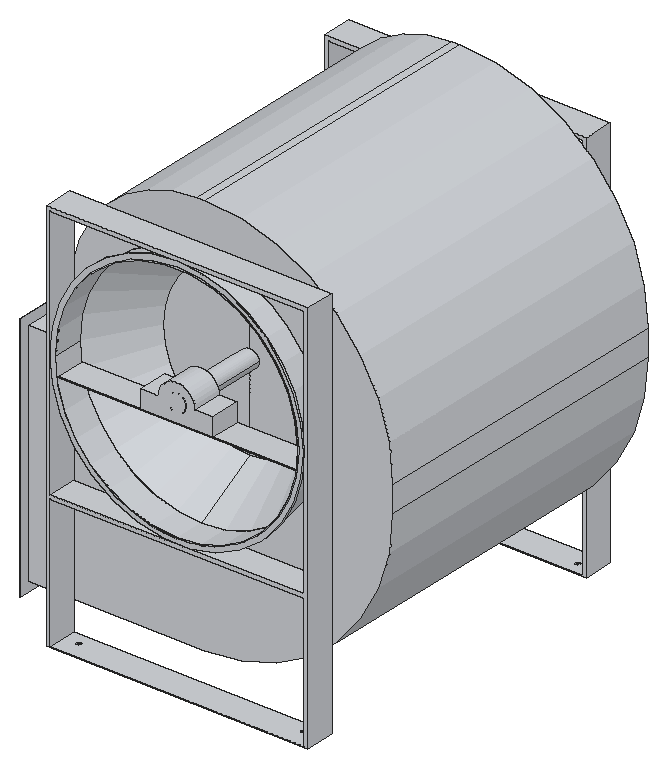
Revit family "CAF_DWDI_CCW_BHD", category Mechanical Equipment, Revit 2019
Family settings
  Round Connector Dimension = Use Radius
  Part Type = Normal
  Work Plane-Based = No
  Always vertical = Yes
  Cut with Voids When Loaded = No
  Shared = No
  Room Calculation Point = No
Parameters (values of type "600_CAF-DWDI_CCW_BHD_CLASS_3")
  V+(D-(A+.25"))/2 = V + ((D - (A + 1/4")) / 2)  # 8 3/32"
  V = 5 7/16"
  Unit Weight [instance] = ""
  U-N = U - N  # 1/8"
  U = 16"
  T/2 = T / 2  # 46 9/16"
  T = 93 1/8"
  Sones [instance] = ""
  S/2 = S / 2  # 30 1/2"
  S = 61"
  R/2 = R / 2  # 35 1/2"
  R = 71"
  P = 118 5/8"
  N = 15 7/8"
  Motor RPM [instance] = ""
  Motor Enclosure [instance] = ""
  ModelID [instance] = ""
  M = 102 5/8"
  LwA [instance] = ""
  L = 51 5/16"
  K/2 = K / 2  # 19/32"
  K = 1 3/16"
  J = 52 3/16"
  INLET/4 = INLET / 4  # 16 1/2"
  INLET/2 = INLET / 2  # 33"
  INLET = 66"
  H-J = H - J  # 47 1/8"
  H = 99 5/16"
  G-(R/2) = G - (R / 2)  # 36 3/16"
  G-(INLET/2)-1.625" = G - (INLET / 2) - 1 1/2"  # 37 3/16"
  G+(INLET/2)+1.625" = G + (INLET / 2) + 1 1/2"  # 106 3/16"
  G = 71 11/16"
  Fan RPM [instance] = ""
  F = 117 5/8"
  E/2 = E / 2  # 45 27/32"
  E = 91 11/16"
  D/2 = D / 2  # 33 7/8"
  D = 67 3/4"
  C/2 = C / 2  # 2 15/32"
  C+C = C + C  # 9 7/8"
  C = 4 15/16"
  BOTTOM = J / 2  # 26 3/32"
  B/2 = B / 2  # 43 1/8"
  B+.25" = B + 1/4"  # 86 1/2"
  B = 86 1/4"
  Accessories [instance] = ""
  A/2 = A / 2  # 31 3/32"
  A+.25" = A + 1/4"  # 62 7/16"
  A = 62 3/16"
  60 = 60.00°  # constant formula
  3" = 3"  # constant formula
  Brake Hp [instance] = ""
  D/7 = D / 9.5  # 7.13158"
  2' = 24"
  2" = 2"  # constant formula
  1" = 1"  # constant formula
  0 = 0"  # constant formula
  Voltage [instance] = 0 V
  URL = "www.lorencook.com"
  Type Comments = "Centrifugal Airfoil Blower Counter-Clockwise Bottom Horizontal Arrangement 3 Low Profile Class 3"
  Static Pressure [instance] = 0.00 in-wg
  Power [instance] = Voltage * Motor FLA * sqrt(if(Phase = 3, 3, 1))  # 0 VA
  Phase [instance] = 0
  Number of Poles [instance] = 1
  Motor Hp [instance] = "0"
  Motor FLA [instance] = 0 A
  Model = "CAF-DWDI"  # constant formula
  Manufacturer = "Loren Cook Company"
  CFM [instance] = 0 CFM
  1.5 = 1 1/2"  # constant formula
  ONE EIGTH = 1/8"  # constant formula
  -P = -P  # -118 5/8"
  -(B+.25")/2 = -(B + 1/4") / 2  # -43 1/4"
  (M-(B+.25")/2 = (M - (B + 1/4")) / 2  # 8 1/16"
  (INLET/2)-.125" = (INLET / 2) - 1/8"  # 32 7/8"
  (INLET/2)+1.625" = (INLET / 2) + 1 1/2"  # 34 1/2"
  (INLET/2)+1.5" = (INLET / 2) + 1 7/16"  # 34 7/16"
  (D-(A+.25"))/2 = (D - (A + 1/4")) / 2  # 2 21/32"
  (B+.25")/2 = (B + 1/4") / 2  # 43 1/4"
  (A+.25")/2 = (A + 1/4") / 2  # 31 7/32"
  ((M+U+U+N+N)-((B+.25")/2))/2 = ((M + U + U - N - N) - ((B + 1/4"))) / 2  # 8 3/16"
Reference planes (in)
  plane 1 "Center (Front/Back)": y = 0
  plane 2: z = 0
  plane 3 "Center (Left/Right)": x = 0.40541
Forms (in)
  Extrusion 1, solid
    sketch origin (0, 0, 0) x (1, 0, 0) y (0, 0, 1)
      loop
        line (-46.71959, 8.09375) -> (52.59291, 8.09375) -> (52.59291, 117.625) -> (-39.58801, 117.625) -> (-39.58801, 70.53125) -> (-46.71959, 70.53125) -> (-46.71959, 8.09375)
    from -43.25 <- "-(B+.25")/2" to 43.25 <- "(B+.25")/2"
  Extrusion 2, void
    sketch origin (0, 0, 0) x (1, 0, 0) y (0, 0, 1)
      loop
        line (-42.58801, 70.53125) -> (-35.09459, 70.53125) -> (-35.09459, 83.125)
        arc (-35.09459, 83.125) -> (-24.98977, 107.52018) -> (-0.59459, 117.625) r 34.5
        line (-0.59459, 117.625) -> (1.40541, 117.625)
        arc (1.40541, 117.625) -> (37.60044, 102.63253) -> (52.59291, 66.4375) r 51.1875
        line (52.59291, 66.4375) -> (52.59291, 59.28125)
        arc (52.59291, 59.28125) -> (37.60044, 23.08622) -> (1.40541, 8.09375) r 51.1875
        line (1.40541, 8.09375) -> (-20.62584, 8.09375) -> (-20.62584, 0) -> (55.59291, 0) -> (55.59291, 120.625) -> (-42.58801, 120.625) -> (-42.58801, 70.53125)
    from -43.25 <- "-(B+.25")/2" to 43.25 <- "(B+.25")/2"
  Revolve 3, void
    sketch origin (0.40541, 0, 0) x (0, 1, 0) y (0, 0, 1)
      loop
        line (43.25, 71.6875) -> (26.75, 71.6875) -> (26.75, 48.21378) -> (43.25, 38.6875) -> (43.25, 71.6875)
      loop
        line (-26.75, 71.6875) -> (-43.25, 71.6875) -> (-43.25, 38.6875) -> (-26.75, 48.21378) -> (-26.75, 71.6875)
      axis (43.25, 71.6875) -> (-43.25, 71.6875)
    angle from 0 to 360
  Extrusion 4, solid
    sketch origin (0, -43.25, 0) x (1, 0, 0) y (0, 0, 1)
      loop
        circle (0.40541, 71.6875) r 32.875
      loop
        circle (0.40541, 71.6875) r 33
    from 0 <- "0" to 8.1875 <- "((M+U+U+N+N)-((B+.25")/2))/2"
  Extrusion 5, solid
    sketch origin (0, 43.25, 0) x (-1, 0, 0) y (0, 0, 1)
      loop
        circle (-0.40541, 71.6875) r 32.875
      loop
        circle (-0.40541, 71.6875) r 33
    from 0 to 8.1875 <- "((M+U+U+N+N)-((B+.25")/2))/2"
  Extrusion 6, solid
    sketch origin (0, 43.25, 0) x (-1, 0, 0) y (0, 0, 1)
      loop
        line (-35.90541, 0) -> (35.09459, 0) -> (35.09459, 107.1875) -> (-35.90541, 107.1875) -> (-35.90541, 0)
      loop
        line (34.09459, 106.1875) -> (-34.90541, 106.1875) -> (-34.90541, 37.1875) -> (34.09459, 37.1875) -> (34.09459, 106.1875)
      loop
        line (-34.90541, 36.1875) -> (-34.90541, 0.125) -> (34.09459, 0.125) -> (34.09459, 36.1875) -> (-34.90541, 36.1875)
    from 0 to 8.0625 <- "(M-(B+.25")/2"
  Extrusion 7, solid
    sketch origin (0, -43.25, 0) x (1, 0, 0) y (0, 0, 1)
      loop
        line (-35.09459, 107.1875) -> (-35.09459, 0) -> (35.90541, 0) -> (35.90541, 107.1875) -> (-35.09459, 107.1875)
      loop
        line (34.90541, 0.125) -> (34.90541, 36.1875) -> (-34.09459, 36.1875) -> (-34.09459, 0.125) -> (34.90541, 0.125)
      loop
        line (-34.09459, 37.1875) -> (34.90541, 37.1875) -> (34.90541, 106.1875) -> (-34.09459, 106.1875) -> (-34.09459, 37.1875)
    from 0 to 8.0625 <- "(M-(B+.25")/2"
  Extrusion 8, solid
    sketch origin (0, -43.25, 0) x (1, 0, 0) y (0, 0, 1)
      loop
        arc (-32.09669, 66.75) -> (-32.08713, 66.68749) -> (-32.07746, 66.625) r 32.875
        line (-32.07746, 66.625) -> (32.88828, 66.625)
        arc (32.88828, 66.625) -> (32.89796, 66.68749) -> (32.90752, 66.75) r 32.875
        line (32.90752, 66.75) -> (-32.09669, 66.75)
    from 0 to 8.1875 <- "((M+U+U+N+N)-((B+.25")/2))/2"
  Extrusion 9, solid
    sketch origin (0, 43.25, 0) x (-1, 0, 0) y (0, 0, 1)
      loop
        arc (-32.90752, 66.75) -> (-32.89796, 66.68749) -> (-32.88828, 66.625) r 32.875
        line (-32.88828, 66.625) -> (32.07746, 66.625)
        arc (32.07746, 66.625) -> (32.08713, 66.68749) -> (32.09669, 66.75) r 32.875
        line (32.09669, 66.75) -> (-32.90752, 66.75)
    from 0 to 8.1875 <- "((M+U+U+N+N)-((B+.25")/2))/2"
  Extrusion 10, solid
    sketch origin (0, -43.25, 0) x (1, 0, 0) y (0, 0, 1)
      loop
        arc (5.34291, 71.6875) -> (0.40541, 76.625) -> (-4.53209, 71.6875) r 4.9375
        line (-4.53209, 71.6875) -> (-9.46959, 71.6875) -> (-9.46959, 66.75) -> (10.28041, 66.75) -> (10.28041, 71.6875) -> (5.34291, 71.6875)
    from 0 to 8.1875 <- "((M+U+U+N+N)-((B+.25")/2))/2"
  Extrusion 11, solid
    sketch origin (0, 43.25, 0) x (-1, 0, 0) y (0, 0, 1)
      loop
        arc (4.53209, 71.6875) -> (-0.40541, 76.625) -> (-5.34291, 71.6875) r 4.9375
        line (-5.34291, 71.6875) -> (-10.28041, 71.6875) -> (-10.28041, 66.75) -> (9.46959, 66.75) -> (9.46959, 71.6875) -> (4.53209, 71.6875)
    from 0 to 8.1875 <- "((M+U+U+N+N)-((B+.25")/2))/2"
  Extrusion 12, solid
    sketch origin (0, -51.4375, 0) x (1, 0, 0) y (0, 0, 1)
      loop
        circle (0.40541, 71.6875) r 2.46875
    from 0 to -118.625 <- "-P"
  Extrusion 13, solid
    sketch origin (0, 51.4375, 0) x (-1, 0, 0) y (0, 0, 1)
      loop
        circle (-0.40541, 71.6875) r 33
      loop
        circle (-0.40541, 71.6875) r 34.4375
    from 0 to -0.125
  Extrusion 14, solid
    sketch origin (0, -51.4375, 0) x (1, 0, 0) y (0, 0, 1)
      loop
        circle (0.40541, 71.6875) r 33
      loop
        circle (0.40541, 71.6875) r 34.4375
    from 0 to -0.125
  Extrusion 15, solid
    sketch origin (-46.71959, 0, 8.09375) x (0, 0, 1) y (0, 1, 0)
      loop
        line (65.09375, 45.84375) -> (-2.65625, 45.84375) -> (-2.65625, -45.84375) -> (65.09375, -45.84375) -> (65.09375, 45.84375)
    from 0 to -0.125
  Extrusion 16, void
    sketch origin (0, 0, 0) x (1, 0, 0) y (0, 1, 0)
      loop
        circle (30.90541, 46.5625) r 0.59375
      loop
        circle (-30.09459, 46.5625) r 0.59375
      loop
        circle (-30.09459, -46.5625) r 0.59375
      loop
        circle (30.90541, -46.5625) r 0.59375
    from 0 to 0.125
Cuts and joins
  Extrusion 2, Revolve 3 cuts Extrusion 1
  Extrusion 16 cuts Extrusion 6
  Extrusion 16 cuts Extrusion 7
Dimensions and locks (in)
  "H-J": plane 3 "Center (Left/Right)" to Extrusion 1 sketch curve
  "D/7": Extrusion 1 sketch curve to Extrusion 1 sketch curve
  "J": Extrusion 1 sketch curve to plane 3 "Center (Left/Right)"
  "F": Extrusion 1 sketch curve to level
  "0": Extrusion 2 sketch curve to level
  "A+.25"": Extrusion 1 sketch curve to Extrusion 1 sketch curve
  "BOTTOM": cut or joined group of Extrusion 1, Extrusion 2, Revolve 3 to Extrusion 2 sketch curve
  "0": Revolve 3 sketch curve to cut or joined group of Extrusion 1, Extrusion 2, Revolve 3  (x2)
  "INLET/4": cut or joined group of Extrusion 1, Extrusion 2, Revolve 3 to Revolve 3 sketch curve
  "G": level to Revolve 3 sketch curve  (x2)
  "INLET/2": Revolve 3 sketch curve to Revolve 3 sketch curve  (x2)
  "G": Revolve 3 sketch curve to level
  "INLET/4": Revolve 3 sketch curve to Revolve 3 sketch curve
  "0": Extrusion 4 sketch curve to plane 3 "Center (Left/Right)"  (x2)
  "G": Extrusion 4 sketch curve to level  (x2)
  "G": level to Extrusion 5 sketch curve  (x2)
  "0": Extrusion 5 sketch curve to plane 3 "Center (Left/Right)"  (x2)
  "R/2": Extrusion 6 sketch curve to plane 3 "Center (Left/Right)"
  "R/2": plane 3 "Center (Left/Right)" to Extrusion 6 sketch curve
  "R": Extrusion 6 sketch curve to Extrusion 6 sketch curve
  "G-(R/2)": level to Extrusion 6 sketch curve
  "ONE EIGTH": Extrusion 6 sketch curve to Extrusion 6 sketch curve
  "0": Extrusion 7 sketch curve to Extrusion 6  (x3)
  "0": Extrusion 6 to Extrusion 7 sketch curve  (x3)
  "0": Extrusion 8 sketch curve to plane 3 "Center (Left/Right)"  (x2)
  "G": Extrusion 8 sketch curve to level  (x2)
  "C": Extrusion 8 sketch curve to Extrusion 8 sketch curve
  "ONE EIGTH": Extrusion 8 sketch curve to Extrusion 8 sketch curve
  "0": Extrusion 9 sketch curve to plane 3 "Center (Left/Right)"  (x2)
  "G": level to Extrusion 9 sketch curve  (x2)
  "C": Extrusion 9 sketch curve to Extrusion 9 sketch curve
  "ONE EIGTH": Extrusion 9 sketch curve to Extrusion 9 sketch curve
  "0": Extrusion 10 sketch curve to Extrusion 8
  "G": Extrusion 10 sketch curve to level
  "0": Extrusion 10 sketch curve to Extrusion 10 sketch curve  (x2)
  "C+C": Extrusion 10 sketch curve to plane 3 "Center (Left/Right)"  (x2)
  "0": Extrusion 9 to Extrusion 11 sketch curve
  "0": Extrusion 11 sketch curve to Extrusion 11 sketch curve  (x2)
  "0": Extrusion 11 sketch curve to plane 3 "Center (Left/Right)"
  "G": level to Extrusion 11 sketch curve
  "C+C": Extrusion 11 sketch curve to plane 3 "Center (Left/Right)"
  "C+C": plane 3 "Center (Left/Right)" to Extrusion 11 sketch curve
  "0": Extrusion 12 sketch curve to plane 3 "Center (Left/Right)"
  "G": level to Extrusion 12 sketch curve
  "0": level to Extrusion 6 sketch curve
  "0": plane 3 "Center (Left/Right)" to Extrusion 10 sketch curve
  "(INLET/2)+1.625"": plane 3 "Center (Left/Right)" to Extrusion 7 sketch curve  (x2)
  "(INLET/2)+1.625"": Extrusion 7 sketch curve to plane 3 "Center (Left/Right)"  (x2)
  "G+(INLET/2)+1.625"": Extrusion 7 sketch curve to level
  "G-(INLET/2)-1.625"": Extrusion 7 sketch curve to level
  "(INLET/2)+1.625"": Extrusion 6 sketch curve to plane 3 "Center (Left/Right)"  (x2)
  "(INLET/2)+1.625"": plane 3 "Center (Left/Right)" to Extrusion 6 sketch curve  (x2)
  "G-(INLET/2)-1.625"": level to Extrusion 6 sketch curve
  "G+(INLET/2)+1.625"": level to Extrusion 6 sketch curve
  "0": Extrusion 13 sketch curve to plane 3 "Center (Left/Right)"  (x2)
  "G": level to Extrusion 13 sketch curve  (x2)
  "0": Extrusion 14 sketch curve to plane 3 "Center (Left/Right)"  (x2)
  "G": Extrusion 14 sketch curve to level  (x2)
  "E/2": Extrusion 15 sketch curve to plane 1 "Center (Front/Back)"
  "E/2": plane 1 "Center (Front/Back)" to Extrusion 15 sketch curve
  "D": Extrusion 15 sketch curve to Extrusion 15 sketch curve
  "V": Extrusion 15 sketch curve to level
  "V+(D-(A+.25"))/2": Extrusion 1 sketch curve to level
  "T/2": plane 1 "Center (Front/Back)" to Extrusion 16 sketch curve  (x4)
  "S/2": plane 3 "Center (Left/Right)" to Extrusion 16 sketch curve  (x4)
  "3"": cut or joined group of Extrusion 1, Extrusion 2, Revolve 3 to Extrusion 2 sketch curve  (x2)
  "3"": Extrusion 2 sketch curve to cut or joined group of Extrusion 1, Extrusion 2, Revolve 3
  "0": Extrusion 2 sketch curve to cut or joined group of Extrusion 7, Extrusion 16
  "0": cut or joined group of Extrusion 1, Extrusion 2, Revolve 3 to Extrusion 2 sketch curve  (x3)
  "1"": Extrusion 2 sketch curve to plane 3 "Center (Left/Right)"  (x2)
  "1"": plane 3 "Center (Left/Right)" to Extrusion 2 sketch curve
  "0": Extrusion 2 sketch curve to cut or joined group of Extrusion 1, Extrusion 2, Revolve 3
  "INLET/2": radius of Extrusion 4 sketch curve
  "(INLET/2)-.125"": radius of Extrusion 4 sketch curve
  "INLET/2": radius of Extrusion 5 sketch curve
  "(INLET/2)-.125"": radius of Extrusion 5 sketch curve
  "(INLET/2)-.125"": radius of Extrusion 8 sketch curve  (x2)
  "(INLET/2)-.125"": radius of Extrusion 9 sketch curve  (x2)
  "C": radius of Extrusion 10 sketch curve
  "C": radius of Extrusion 11 sketch curve
  "C/2": radius of Extrusion 12 sketch curve
  "(INLET/2)+1.5"": radius of Extrusion 13 sketch curve
  "INLET/2": radius of Extrusion 13 sketch curve
  "(INLET/2)+1.5"": radius of Extrusion 14 sketch curve
  "INLET/2": radius of Extrusion 14 sketch curve
  "K/2": radius of Extrusion 16 sketch curve  (x4)
  "60": angle Revolve 3 sketch curve to cut or joined group of Extrusion 1, Extrusion 2, Revolve 3
  "60": angle cut or joined group of Extrusion 1, Extrusion 2, Revolve 3 to Revolve 3 sketch curve
Automatic sketch dimensions
  Revolve 3 sketch curve to Revolve 3 sketch curve = 0"  (x2)
Connectors (in)
  hvac at (-46.71959, 0, 39.3125), driven by "B", driven by "A", driven by "CFM"
    settings: on cut or joined group of Extrusion 1, Extrusion 2, Revolve 3, index 1, duct flow 0 CFM, flow factor 0, pres drop 0.00 in-wg, loss coef 0, conn angle 0.00°, conn width 86 1/4", conn height 62 3/16", conn diameter 24", duct sys type 29, conn prof type 1, flow config 0, flow direction 2, loss method 0, conn ref index -1, conn util no, is conn primary yes, conn desc ""
  hvac at (0.40541, -51.3125, 71.6875), driven by "INLET/2"
    settings: on Extrusion 14, index 2, duct flow 0 CFM, flow factor 0, pres drop 0.00 in-wg, loss coef 0, conn angle 0.00°, conn width 12", conn height 12", conn diameter 66", duct sys type 29, conn prof type 0, flow config 0, flow direction 1, loss method 0, conn ref index -1, conn util no, is conn primary no, conn desc ""
  hvac at (0.40541, 51.4375, 71.6875), driven by "INLET/2"
    settings: on Extrusion 5, index 3, duct flow 0 CFM, flow factor 0, pres drop 0.00 in-wg, loss coef 0, conn angle 0.00°, conn width 12", conn height 12", conn diameter 66", duct sys type 29, conn prof type 0, flow config 0, flow direction 1, loss method 0, conn ref index -1, conn util no, is conn primary no, conn desc ""
Types (59): name | V+(D-(A+.25"))/2 | V | U-N | U | T/2 | T | S/2 | S | R/2 | R | P | N | M | L | K/2 | K | J | INLET/4 | INLET/2 | INLET | H-J | H | G-(R/2) | G-(INLET/2)-1.625" | G+(INLET/2)+1.625" | G | F | E/2 | E | D/2 | D | C/2 | C+C | C | BOTTOM | B/2 | B+.25" | B | A/2 | A+.25" | A | D/7 | Type Comments | -P | -(B+.25")/2 | (M-(B+.25")/2 | (INLET/2)-.125" | (INLET/2)+1.625" | (INLET/2)+1.5" | (D-(A+.25"))/2 | (B+.25")/2 | (A+.25")/2 | ((M+U+U+N+N)-((B+.25")/2))/2
  (no name) | 8 3/32" | 5 7/16" | 1/8" | 16" | 46 9/16" | 93 1/8" | 30 1/2" | 61" | 35 1/2" | 71" | 118 5/8" | 15 7/8" | 102 5/8" | 51 5/16" | 19/32" | 1 3/16" | 52 3/16" | 16 1/2" | 33" | 66" | 47 1/8" | 99 5/16" | 36 3/16" | 37 3/16" | 106 3/16" | 71 11/16" | 117 5/8" | 45 27/32" | 91 11/16" | 33 7/8" | 67 3/4" | 2 15/32" | 9 7/8" | 4 15/16" | 26 3/32" | 43 1/8" | 86 1/2" | 86 1/4" | 31 3/32" | 62 7/16" | 62 3/16" | 7.13158" | "Centrifugal Airfoil Blower Counter-Clockwise Bottom Horizontal Arrangement 3 Low Profile Class 3" | -118 5/8" | -43 1/4" | 8 1/16" | 32 7/8" | 34 1/2" | 34 7/16" | 2 21/32" | 43 1/4" | 31 7/32" | 8 3/16"
  120_CAF-DWDI_CCW_BHD_CLASS_1 | 1 15/16" | 1" | 1 9/16" | 4 5/16" | 9 3/4" | 19 1/2" | 7 7/16" | 14 7/8" | 9 5/8" | 19 1/4" | 26 11/16" | 2 3/4" | 20 13/16" | 10 7/16" | 9/32" | 9/16" | 10 7/16" | 4 1/32" | 8 1/16" | 16 1/8" | 9 5/8" | 20 1/16" | 5 1/8" | 5 3/16" | 24 5/16" | 14 3/4" | 24" | 9 29/32" | 19 13/16" | 7 1/8" | 14 1/4" | 23/32" | 2 7/8" | 1 7/16" | 5 7/32" | 8 27/32" | 17 15/16" | 17 11/16" | 6 1/16" | 12 3/8" | 12 1/8" | 1 1/2" | "Centrifugal Airfoil Blower Counter-Clockwise Bottom Horizontal Arrangement 3 Low Profile Class 1" | -26 11/16" | -8 31/32" | 1 7/16" | 7 15/16" | 9 9/16" | 9 1/2" | 15/16" | 8 31/32" | 6 3/16" | 3"
  135_CAF-DWDI_CCW_BHD_CLASS_1 | 1 15/16" | 1" | 1 9/16" | 4 5/16" | 10 7/8" | 21 3/4" | 8 5/16" | 16 5/8" | 10 1/2" | 21" | 28 15/16" | 2 3/4" | 23 1/16" | 11 9/16" | 9/32" | 9/16" | 11 3/4" | 4 13/32" | 8 13/16" | 17 5/8" | 10 13/16" | 22 9/16" | 5 13/16" | 6" | 26 5/8" | 16 5/16" | 26 11/16" | 11 1/32" | 22 1/16" | 7 7/8" | 15 3/4" | 23/32" | 2 7/8" | 1 7/16" | 5 7/8" | 9 31/32" | 20 3/16" | 19 15/16" | 6 13/16" | 13 7/8" | 13 5/8" | 1.65789" | "Centrifugal Airfoil Blower Counter-Clockwise Bottom Horizontal Arrangement 3 Low Profile Class 1" | -28 15/16" | -10 3/32" | 1 7/16" | 8 11/16" | 10 5/16" | 10 1/4" | 15/16" | 10 3/32" | 6 15/16" | 3"
  150_CAF-DWDI_CCW_BHD_CLASS_1 | 1 15/16" | 1" | 1 1/16" | 4 7/16" | 12 3/16" | 24 3/8" | 8 7/8" | 17 3/4" | 11 1/4" | 22 1/2" | 31 5/8" | 3 3/8" | 26 1/8" | 13 1/16" | 9/32" | 9/16" | 13 1/16" | 4 25/32" | 9 9/16" | 19 1/8" | 12" | 25 1/16" | 6 11/16" | 6 7/8" | 29" | 17 15/16" | 29 7/16" | 12 1/16" | 24 1/8" | 8 11/16" | 17 3/8" | 23/32" | 2 7/8" | 1 7/16" | 6 17/32" | 11" | 22 1/4" | 22" | 7 5/8" | 15 1/2" | 15 1/4" | 1.82895" | "Centrifugal Airfoil Blower Counter-Clockwise Bottom Horizontal Arrangement 3 Low Profile Class 1" | -31 5/8" | -11 1/8" | 1 15/16" | 9 7/16" | 11 1/16" | 11" | 15/16" | 11 1/8" | 7 3/4" | 3"
  165_CAF-DWDI_CCW_BHD_CLASS_1 | 1 15/16" | 1" | 1 1/16" | 4 7/16" | 13 3/16" | 26 3/8" | 9 3/4" | 19 1/2" | 12 1/8" | 24 1/4" | 33 11/16" | 3 3/8" | 28 1/8" | 14 1/16" | 15/32" | 15/16" | 14 3/8" | 5 19/64" | 10 19/32" | 21 3/16" | 13 1/8" | 27 1/2" | 7 3/8" | 7 13/32" | 31 19/32" | 19 1/2" | 32 3/16" | 13 1/16" | 26 1/8" | 9 17/32" | 19 1/16" | 27/32" | 3 3/8" | 1 11/16" | 7 3/16" | 12" | 24 1/4" | 24" | 8 15/32" | 17 3/16" | 16 15/16" | 2.00658" | "Centrifugal Airfoil Blower Counter-Clockwise Bottom Horizontal Arrangement 3 Low Profile Class 1" | -33 11/16" | -12 1/8" | 1 15/16" | 10 15/32" | 12 3/32" | 12 1/32" | 15/16" | 12 1/8" | 8 19/32" | 3"
  180_CAF-DWDI_CCW_BHD_CLASS_1 | 1 15/16" | 1" | 1 1/16" | 4 13/16" | 14 7/32" | 28 7/16" | 10 1/2" | 21" | 13 3/8" | 26 3/4" | 36 1/8" | 3 3/4" | 30 3/16" | 15 1/8" | 15/32" | 15/16" | 15 11/16" | 5 43/64" | 11 11/32" | 22 11/16" | 14 5/16" | 30" | 7 3/4" | 8 9/32" | 33 31/32" | 21 1/8" | 34 15/16" | 14 3/32" | 28 3/16" | 10 5/16" | 20 5/8" | 27/32" | 3 3/8" | 1 11/16" | 7 27/32" | 13 1/32" | 26 5/16" | 26 1/16" | 9 1/4" | 18 3/4" | 18 1/2" | 2.17105" | "Centrifugal Airfoil Blower Counter-Clockwise Bottom Horizontal Arrangement 3 Low Profile Class 1" | -36 1/8" | -13 5/32" | 1 15/16" | 11 7/32" | 12 27/32" | 12 25/32" | 15/16" | 13 5/32" | 9 3/8" | 3"
  195_CAF-DWDI_CCW_BHD_CLASS_1 | 1 31/32" | 1" | 1 1/16" | 4 13/16" | 15 13/32" | 30 13/16" | 11 3/8" | 22 3/4" | 14 1/4" | 28 1/2" | 38 1/2" | 3 3/4" | 32 9/16" | 16 5/16" | 15/32" | 15/16" | 16 15/16" | 6 3/64" | 12 3/32" | 24 3/16" | 15 1/2" | 32 7/16" | 8 1/2" | 9 5/32" | 36 11/32" | 22 3/4" | 37 11/16" | 15 5/16" | 30 5/8" | 10 27/32" | 21 11/16" | 27/32" | 3 3/8" | 1 11/16" | 8 15/32" | 14 7/32" | 28 11/16" | 28 7/16" | 9 3/4" | 19 3/4" | 19 1/2" | 2.28289" | "Centrifugal Airfoil Blower Counter-Clockwise Bottom Horizontal Arrangement 3 Low Profile Class 1" | -38 1/2" | -14 11/32" | 1 15/16" | 11 31/32" | 13 19/32" | 13 17/32" | 31/32" | 14 11/32" | 9 7/8" | 3"
  210_CAF-DWDI_CCW_BHD_CLASS_1 | 1 31/32" | 1" | 2 1/16" | 5 13/16" | 16 3/8" | 32 3/4" | 12 1/8" | 24 1/4" | 15" | 30" | 41 7/16" | 3 3/4" | 34 1/2" | 17 1/4" | 15/32" | 15/16" | 18 1/4" | 6 31/64" | 12 31/32" | 25 15/16" | 16 11/16" | 34 15/16" | 9 3/8" | 9 29/32" | 38 27/32" | 24 3/8" | 40 1/2" | 16 9/32" | 32 9/16" | 11 29/32" | 23 13/16" | 27/32" | 3 3/8" | 1 11/16" | 9 1/8" | 15 3/16" | 30 5/8" | 30 3/8" | 10 13/16" | 21 7/8" | 21 5/8" | 2.50658" | "Centrifugal Airfoil Blower Counter-Clockwise Bottom Horizontal Arrangement 3 Low Profile Class 1" | -41 7/16" | -15 5/16" | 1 15/16" | 12 27/32" | 14 15/32" | 14 13/32" | 31/32" | 15 5/16" | 10 15/16" | 4"
  225_CAF-DWDI_CCW_BHD_CLASS_1 | 2 15/32" | 1" | 2 1/16" | 6 5/16" | 17 7/16" | 34 7/8" | 13" | 26" | 15 7/8" | 31 3/4" | 44 1/16" | 4 1/4" | 36 5/8" | 18 5/16" | 15/32" | 15/16" | 19 9/16" | 6 55/64" | 13 23/32" | 27 7/16" | 17 13/16" | 37 3/8" | 10 9/16" | 11 7/32" | 41 21/32" | 26 7/16" | 43 11/16" | 17 27/32" | 35 11/16" | 13 3/16" | 26 3/8" | 31/32" | 3 7/8" | 1 15/16" | 9 25/32" | 16 1/4" | 32 3/4" | 32 1/2" | 11 19/32" | 23 7/16" | 23 3/16" | 2.77632" | "Centrifugal Airfoil Blower Counter-Clockwise Bottom Horizontal Arrangement 3 Low Profile Class 1" | -44 1/16" | -16 3/8" | 1 15/16" | 13 19/32" | 15 7/32" | 15 5/32" | 1 15/32" | 16 3/8" | 11 23/32" | 4"
  245_CAF-DWDI_CCW_BHD_CLASS_1 | 2 15/32" | 1" | 2 1/16" | 6 5/16" | 18 23/32" | 37 7/16" | 14" | 28" | 16 7/8" | 33 3/4" | 46 5/8" | 4 1/4" | 39 3/16" | 19 5/8" | 15/32" | 15/16" | 21 5/16" | 7 23/64" | 14 23/32" | 29 7/16" | 19 3/8" | 40 11/16" | 11 11/16" | 12 11/32" | 44 25/32" | 28 9/16" | 47 5/16" | 19 1/8" | 38 1/4" | 14 11/32" | 28 11/16" | 31/32" | 3 7/8" | 1 15/16" | 10 21/32" | 17 17/32" | 35 5/16" | 35 1/16" | 12 3/4" | 25 3/4" | 25 1/2" | 3.01974" | "Centrifugal Airfoil Blower Counter-Clockwise Bottom Horizontal Arrangement 3 Low Profile Class 1" | -46 5/8" | -17 21/32" | 1 15/16" | 14 19/32" | 16 7/32" | 16 5/32" | 1 15/32" | 17 21/32" | 12 7/8" | 4"
  270_CAF-DWDI_CCW_BHD_CLASS_1 | 2 15/32" | 1" | 2 1/16" | 6 5/16" | 21 5/32" | 42 5/16" | 15 1/8" | 30 1/4" | 18 3/4" | 37 1/2" | 51 1/2" | 4 1/4" | 44 9/16" | 22 5/16" | 15/32" | 15/16" | 23 1/2" | 7 63/64" | 15 31/32" | 31 15/16" | 21 5/16" | 44 13/16" | 12 7/16" | 13 23/32" | 48 21/32" | 31 3/16" | 51 7/8" | 21 5/16" | 42 5/8" | 15 11/32" | 30 11/16" | 1 3/32" | 4 3/8" | 2 3/16" | 11 3/4" | 19 23/32" | 39 11/16" | 39 7/16" | 13 3/4" | 27 3/4" | 27 1/2" | 3.23026" | "Centrifugal Airfoil Blower Counter-Clockwise Bottom Horizontal Arrangement 3 Low Profile Class 1" | -51 1/2" | -19 27/32" | 2 7/16" | 15 27/32" | 17 15/32" | 17 13/32" | 1 15/32" | 19 27/32" | 13 7/8" | 4 1/2"
  300_CAF-DWDI_CCW_BHD_CLASS_1 | 2 15/32" | 1" | 2 1/8" | 6 3/8" | 22 15/16" | 45 7/8" | 16 5/8" | 33 1/4" | 20 1/4" | 40 1/2" | 55 1/8" | 4 1/4" | 48 1/8" | 24 1/16" | 15/32" | 15/16" | 26 1/16" | 8 47/64" | 17 15/32" | 34 15/16" | 23 11/16" | 49 3/4" | 14 1/8" | 15 13/32" | 53 11/32" | 34 3/8" | 57 5/16" | 23 3/32" | 46 3/16" | 17 3/16" | 34 3/8" | 1 3/32" | 4 3/8" | 2 3/16" | 13 1/32" | 21 1/2" | 43 1/4" | 43" | 15 19/32" | 31 7/16" | 31 3/16" | 3.61842" | "Centrifugal Airfoil Blower Counter-Clockwise Bottom Horizontal Arrangement 3 Low Profile Class 1" | -55 1/8" | -21 5/8" | 2 7/16" | 17 11/32" | 18 31/32" | 18 29/32" | 1 15/32" | 21 5/8" | 15 23/32" | 4 9/16"
  330_CAF-DWDI_CCW_BHD_CLASS_1 | 3" | 1" | 1 5/8" | 6" | 25 9/32" | 50 9/16" | 18 1/16" | 36 1/8" | 20 25/32" | 41 9/16" | 59 5/16" | 4 3/8" | 53 3/16" | 26 5/8" | 15/32" | 15/16" | 28 11/16" | 9 31/64" | 18 31/32" | 37 15/16" | 26" | 54 11/16" | 17 9/32" | 17 19/32" | 58 17/32" | 38 1/16" | 63 5/16" | 25 21/32" | 51 5/16" | 19 3/8" | 38 3/4" | 1 7/32" | 4 7/8" | 2 7/16" | 14 11/32" | 23 17/32" | 47 5/16" | 47 1/16" | 17 1/4" | 34 3/4" | 34 1/2" | 4.07895" | "Centrifugal Airfoil Blower Counter-Clockwise Bottom Horizontal Arrangement 3 Low Profile Class 1" | -59 5/16" | -23 21/32" | 2 15/16" | 18 27/32" | 20 15/32" | 20 13/32" | 2" | 23 21/32" | 17 3/8" | 4 9/16"
  365_CAF-DWDI_CCW_BHD_CLASS_1 | 3" | 1" | 2 1/8" | 6 7/8" | 27 27/32" | 55 11/16" | 19 15/16" | 39 7/8" | 22 21/32" | 45 5/16" | 65 5/16" | 4 3/4" | 58 5/16" | 29 3/16" | 15/32" | 15/16" | 31 3/4" | 10 23/64" | 20 23/32" | 41 7/16" | 28 3/4" | 60 1/2" | 19 5/32" | 19 19/32" | 64 1/32" | 41 13/16" | 69 11/16" | 28 7/32" | 56 7/16" | 21 15/32" | 42 15/16" | 1 11/32" | 5 3/8" | 2 11/16" | 15 7/8" | 26 3/32" | 52 7/16" | 52 3/16" | 19 11/32" | 38 15/16" | 38 11/16" | 4.51974" | "Centrifugal Airfoil Blower Counter-Clockwise Bottom Horizontal Arrangement 3 Low Profile Class 1" | -65 5/16" | -26 7/32" | 2 15/16" | 20 19/32" | 22 7/32" | 22 5/32" | 2" | 26 7/32" | 19 15/32" | 5 1/16"
  402_CAF-DWDI_CCW_BHD_CLASS_1 | 3 31/32" | 1 15/16" | 1 1/8" | 6" | 31 7/32" | 62 7/16" | 21 1/2" | 43" | 24 27/32" | 49 11/16" | 71 15/16" | 4 7/8" | 65 15/16" | 33" | 15/32" | 15/16" | 34 15/16" | 11 19/64" | 22 19/32" | 45 3/16" | 31 5/8" | 66 9/16" | 21 25/32" | 22 17/32" | 70 23/32" | 46 5/8" | 77 3/8" | 31" | 62" | 23 1/32" | 46 1/16" | 1 15/32" | 5 7/8" | 2 15/16" | 17 15/32" | 28 29/32" | 58 1/16" | 57 13/16" | 20 7/8" | 42" | 41 3/4" | 4.84868" | "Centrifugal Airfoil Blower Counter-Clockwise Bottom Horizontal Arrangement 3 Low Profile Class 1" | -71 15/16" | -29 1/32" | 3 15/16" | 22 15/32" | 24 3/32" | 24 1/32" | 2 1/32" | 29 1/32" | 21" | 5 1/16"
  445_CAF-DWDI_CCW_BHD_CLASS_1 | 4" | 1 15/16" | 1 1/8" | 6 7/8" | 34 15/32" | 68 15/16" | 23 5/8" | 47 1/4" | 26 31/32" | 53 15/16" | 79 5/16" | 5 3/4" | 72 7/16" | 36 1/4" | 17/32" | 1 1/16" | 38 11/16" | 12 23/64" | 24 23/32" | 49 7/16" | 35" | 73 11/16" | 24 7/32" | 24 31/32" | 77 13/32" | 51 3/16" | 85 1/4" | 34 9/32" | 68 9/16" | 25 5/32" | 50 5/16" | 1 15/32" | 5 7/8" | 2 15/16" | 19 11/32" | 32 1/8" | 64 1/2" | 64 1/4" | 22 31/32" | 46 3/16" | 45 15/16" | 5.29605" | "Centrifugal Airfoil Blower Counter-Clockwise Bottom Horizontal Arrangement 3 Low Profile Class 1" | -79 5/16" | -32 1/4" | 3 31/32" | 24 19/32" | 26 7/32" | 26 5/32" | 2 1/16" | 32 1/4" | 23 3/32" | 5 3/32"
  490_CAF-DWDI_CCW_BHD_CLASS_1 | 4" | 1 15/16" | 1 1/8" | 7" | 37 13/32" | 74 13/16" | 26" | 52" | 29 11/32" | 58 11/16" | 85 5/16" | 5 7/8" | 78 5/16" | 39 3/16" | 17/32" | 1 1/16" | 42 9/16" | 13 3/4" | 27 1/2" | 55" | 38 9/16" | 81 1/8" | 26 19/32" | 26 15/16" | 84 15/16" | 55 15/16" | 93 7/16" | 37 7/32" | 74 7/16" | 27 11/16" | 55 3/8" | 1 23/32" | 6 7/8" | 3 7/16" | 21 9/32" | 35 1/16" | 70 3/8" | 70 1/8" | 25 1/2" | 51 1/4" | 51" | 5.82895" | "Centrifugal Airfoil Blower Counter-Clockwise Bottom Horizontal Arrangement 3 Low Profile Class 1" | -85 5/16" | -35 3/16" | 3 31/32" | 27 3/8" | 29" | 28 15/16" | 2 1/16" | 35 3/16" | 25 5/8" | 5 3/32"
  540_CAF-DWDI_CCW_BHD_CLASS_1 | 4" | 1 15/16" | 1 1/8" | 7 3/8" | 41 5/16" | 82 5/8" | 28 1/2" | 57" | 31 27/32" | 63 11/16" | 93 1/2" | 6 1/4" | 86 1/8" | 43 1/16" | 17/32" | 1 1/16" | 46 15/16" | 15" | 30" | 60" | 42 7/16" | 89 3/8" | 29 13/32" | 29 3/4" | 92 3/4" | 61 1/4" | 102 9/16" | 41 3/32" | 82 3/16" | 30 1/16" | 60 1/8" | 1 15/32" | 5 7/8" | 2 15/16" | 23 15/32" | 38 31/32" | 78 3/16" | 77 15/16" | 27 7/8" | 56" | 55 3/4" | 6.32895" | "Centrifugal Airfoil Blower Counter-Clockwise Bottom Horizontal Arrangement 3 Low Profile Class 1" | -93 1/2" | -39 3/32" | 3 31/32" | 29 7/8" | 31 1/2" | 31 7/16" | 2 1/16" | 39 3/32" | 28" | 5 3/32"
  600_CAF-DWDI_CCW_BHD_CLASS_1 | 5" | 2 15/16" | 1/8" | 6 3/8" | 46" | 92" | 31" | 62" | 35" | 70" | 102 7/8" | 6 1/4" | 96 1/2" | 48 1/4" | 17/32" | 1 1/16" | 52 3/16" | 16 1/2" | 33" | 66" | 47 1/8" | 99 5/16" | 33 5/8" | 34 1/8" | 103 1/8" | 68 5/8" | 114 9/16" | 45 9/32" | 90 9/16" | 33 9/32" | 66 9/16" | 1 15/32" | 5 7/8" | 2 15/16" | 26 3/32" | 43 1/8" | 86 1/2" | 86 1/4" | 31 3/32" | 62 7/16" | 62 3/16" | 7.00658" | "Centrifugal Airfoil Blower Counter-Clockwise Bottom Horizontal Arrangement 3 Low Profile Class 1" | -102 7/8" | -43 1/4" | 5" | 32 7/8" | 34 1/2" | 34 7/16" | 2 1/16" | 43 1/4" | 31 7/32" | 5 1/8"
  660_CAF-DWDI_CCW_BHD_CLASS_1 | 6" | 3 15/16" | 5/8" | 10" | 50 13/16" | 101 5/8" | 33 1/2" | 67" | 38 9/32" | 76 9/16" | 117 1/8" | 9 3/8" | 107 1/8" | 53 9/16" | 17/32" | 1 1/16" | 57 3/8" | 18" | 36" | 72" | 51 13/16" | 109 3/16" | 37 23/32" | 38 1/2" | 113 1/2" | 76" | 126 1/2" | 49 5/8" | 99 1/4" | 36 13/32" | 72 13/16" | 1 23/32" | 6 7/8" | 3 7/16" | 28 11/16" | 47 7/16" | 95 1/8" | 94 7/8" | 34 7/32" | 68 11/16" | 68 7/16" | 7.66447" | "Centrifugal Airfoil Blower Counter-Clockwise Bottom Horizontal Arrangement 3 Low Profile Class 1" | -117 1/8" | -47 9/16" | 6" | 35 7/8" | 37 1/2" | 37 7/16" | 2 1/16" | 47 9/16" | 34 11/32" | 6 5/8"
  730_CAF-DWDI_CCW_BHD_CLASS_1 | 6" | 3 7/16" | 5/8" | 10" | 55 3/4" | 111 1/2" | 37" | 74" | 41 25/32" | 83 9/16" | 127" | 9 3/8" | 117" | 58 1/2" | 17/32" | 1 1/16" | 63 7/16" | 19 3/4" | 39 1/2" | 79" | 57 1/4" | 120 11/16" | 41 19/32" | 42 3/8" | 124 3/8" | 83 3/8" | 139 3/16" | 55 1/16" | 110 1/8" | 40 19/32" | 81 3/16" | 1 23/32" | 6 7/8" | 3 7/16" | 31 23/32" | 52 3/8" | 105" | 104 3/4" | 37 29/32" | 76 1/16" | 75 13/16" | 8.54605" | "Centrifugal Airfoil Blower Counter-Clockwise Bottom Horizontal Arrangement 3 Low Profile Class 1" | -127" | -52 1/2" | 6" | 39 3/8" | 41" | 40 15/16" | 2 9/16" | 52 1/2" | 38 1/32" | 6 5/8"
  120_CAF-DWDI_CCW_BHD_CLASS_2 | 1 15/16" | 1" | 1 9/16" | 5 5/16" | 10" | 20" | 7 3/16" | 14 3/8" | 9 5/8" | 19 1/4" | 28 3/16" | 3 3/4" | 21 13/16" | 10 15/16" | 15/32" | 15/16" | 10 7/16" | 4 1/32" | 8 1/16" | 16 1/8" | 9 5/8" | 20 1/16" | 5 1/8" | 5 3/16" | 24 5/16" | 14 3/4" | 24" | 9 29/32" | 19 13/16" | 7 1/8" | 14 1/4" | 23/32" | 2 7/8" | 1 7/16" | 5 7/32" | 8 27/32" | 17 15/16" | 17 11/16" | 6 1/16" | 12 3/8" | 12 1/8" | 1 1/2" | "Centrifugal Airfoil Blower Counter-Clockwise Bottom Horizontal Arrangement 3 Low Profile Class 2" | -28 3/16" | -8 31/32" | 1 15/16" | 7 15/16" | 9 9/16" | 9 1/2" | 15/16" | 8 31/32" | 6 3/16" | 3 1/2"
  135_CAF-DWDI_CCW_BHD_CLASS_2 | 2" | 1 1/16" | 1 9/16" | 5 7/16" | 11 1/8" | 22 1/4" | 8 1/16" | 16 1/8" | 10 1/2" | 21" | 30 9/16" | 3 7/8" | 24 1/16" | 12 1/16" | 15/32" | 15/16" | 11 3/4" | 4 13/32" | 8 13/16" | 17 5/8" | 10 13/16" | 22 9/16" | 5 15/16" | 6 1/8" | 26 3/4" | 16 7/16" | 26 13/16" | 11 1/32" | 22 1/16" | 7 7/8" | 15 3/4" | 23/32" | 2 7/8" | 1 7/16" | 5 7/8" | 9 31/32" | 20 3/16" | 19 15/16" | 6 13/16" | 13 7/8" | 13 5/8" | 1.65789" | "Centrifugal Airfoil Blower Counter-Clockwise Bottom Horizontal Arrangement 3 Low Profile Class 2" | -30 9/16" | -10 3/32" | 1 15/16" | 8 11/16" | 10 5/16" | 10 1/4" | 15/16" | 10 3/32" | 6 15/16" | 3 1/2"
  150_CAF-DWDI_CCW_BHD_CLASS_2 | 1 15/16" | 1" | 2 1/16" | 5 15/16" | 12 3/16" | 24 3/8" | 8 7/8" | 17 3/4" | 11 3/4" | 23 1/2" | 33 1/8" | 3 7/8" | 26 1/8" | 13 1/16" | 15/32" | 15/16" | 13 1/16" | 4 25/32" | 9 9/16" | 19 1/8" | 12" | 25 1/16" | 6 3/16" | 6 7/8" | 29" | 17 15/16" | 29 7/16" | 12 1/16" | 24 1/8" | 8 11/16" | 17 3/8" | 31/32" | 3 7/8" | 1 15/16" | 6 17/32" | 11" | 22 1/4" | 22" | 7 5/8" | 15 1/2" | 15 1/4" | 1.82895" | "Centrifugal Airfoil Blower Counter-Clockwise Bottom Horizontal Arrangement 3 Low Profile Class 2" | -33 1/8" | -11 1/8" | 1 15/16" | 9 7/16" | 11 1/16" | 11" | 15/16" | 11 1/8" | 7 3/4" | 4"
  165_CAF-DWDI_CCW_BHD_CLASS_2 | 1 15/16" | 1" | 2 1/16" | 5 15/16" | 13 3/16" | 26 3/8" | 9 3/4" | 19 1/2" | 12 5/8" | 25 1/4" | 35 3/16" | 3 7/8" | 28 1/8" | 14 1/16" | 15/32" | 15/16" | 14 3/8" | 5 19/64" | 10 19/32" | 21 3/16" | 13 1/8" | 27 1/2" | 6 7/8" | 7 13/32" | 31 19/32" | 19 1/2" | 32 3/16" | 13 1/16" | 26 1/8" | 9 17/32" | 19 1/16" | 31/32" | 3 7/8" | 1 15/16" | 7 3/16" | 12" | 24 1/4" | 24" | 8 15/32" | 17 3/16" | 16 15/16" | 2.00658" | "Centrifugal Airfoil Blower Counter-Clockwise Bottom Horizontal Arrangement 3 Low Profile Class 2" | -35 3/16" | -12 1/8" | 1 15/16" | 10 15/32" | 12 3/32" | 12 1/32" | 15/16" | 12 1/8" | 8 19/32" | 4"
  180_CAF-DWDI_CCW_BHD_CLASS_2 | 1 15/16" | 1" | 2 1/16" | 5 15/16" | 14 7/32" | 28 7/16" | 10 1/2" | 21" | 13 3/8" | 26 3/4" | 37 1/4" | 3 7/8" | 30 3/16" | 15 1/8" | 15/32" | 15/16" | 15 11/16" | 5 43/64" | 11 11/32" | 22 11/16" | 14 5/16" | 30" | 7 3/4" | 8 9/32" | 33 31/32" | 21 1/8" | 34 15/16" | 14 3/32" | 28 3/16" | 10 5/16" | 20 5/8" | 31/32" | 3 7/8" | 1 15/16" | 7 27/32" | 13 1/32" | 26 5/16" | 26 1/16" | 9 1/4" | 18 3/4" | 18 1/2" | 2.17105" | "Centrifugal Airfoil Blower Counter-Clockwise Bottom Horizontal Arrangement 3 Low Profile Class 2" | -37 1/4" | -13 5/32" | 1 15/16" | 11 7/32" | 12 27/32" | 12 25/32" | 15/16" | 13 5/32" | 9 3/8" | 4"
  195_CAF-DWDI_CCW_BHD_CLASS_2 | 1 31/32" | 1" | 2 1/16" | 5 15/16" | 15 13/32" | 30 13/16" | 11 3/8" | 22 3/4" | 14 1/4" | 28 1/2" | 39 5/8" | 3 7/8" | 32 9/16" | 16 5/16" | 15/32" | 15/16" | 16 15/16" | 6 3/64" | 12 3/32" | 24 3/16" | 15 1/2" | 32 7/16" | 8 1/2" | 9 5/32" | 36 11/32" | 22 3/4" | 37 11/16" | 15 5/16" | 30 5/8" | 10 27/32" | 21 11/16" | 31/32" | 3 7/8" | 1 15/16" | 8 15/32" | 14 7/32" | 28 11/16" | 28 7/16" | 9 3/4" | 19 3/4" | 19 1/2" | 2.28289" | "Centrifugal Airfoil Blower Counter-Clockwise Bottom Horizontal Arrangement 3 Low Profile Class 2" | -39 5/8" | -14 11/32" | 1 15/16" | 11 31/32" | 13 19/32" | 13 17/32" | 31/32" | 14 11/32" | 9 7/8" | 4"
  210_CAF-DWDI_CCW_BHD_CLASS_2 | 1 31/32" | 1" | 2 9/16" | 6 13/16" | 16 3/8" | 32 3/4" | 12 1/8" | 24 1/4" | 15" | 30" | 42 7/16" | 4 1/4" | 34 1/2" | 17 1/4" | 15/32" | 15/16" | 18 1/4" | 6 31/64" | 12 31/32" | 25 15/16" | 16 11/16" | 34 15/16" | 9 3/8" | 9 29/32" | 38 27/32" | 24 3/8" | 40 7/16" | 16 9/32" | 32 9/16" | 11 29/32" | 23 13/16" | 1 3/32" | 4 3/8" | 2 3/16" | 9 1/8" | 15 3/16" | 30 5/8" | 30 3/8" | 10 13/16" | 21 7/8" | 21 5/8" | 2.50658" | "Centrifugal Airfoil Blower Counter-Clockwise Bottom Horizontal Arrangement 3 Low Profile Class 2" | -42 7/16" | -15 5/16" | 1 15/16" | 12 27/32" | 14 15/32" | 14 13/32" | 31/32" | 15 5/16" | 10 15/16" | 4 1/2"
  225_CAF-DWDI_CCW_BHD_CLASS_2 | 2 15/32" | 1" | 2 9/16" | 6 13/16" | 17 7/16" | 34 7/8" | 13" | 26" | 15 7/8" | 31 3/4" | 44 9/16" | 4 1/4" | 36 5/8" | 18 5/16" | 15/32" | 15/16" | 19 9/16" | 6 55/64" | 13 23/32" | 27 7/16" | 17 13/16" | 37 3/8" | 10 9/16" | 11 7/32" | 41 21/32" | 26 7/16" | 43 11/16" | 17 27/32" | 35 11/16" | 13 3/16" | 26 3/8" | 1 3/32" | 4 3/8" | 2 3/16" | 9 25/32" | 16 1/4" | 32 3/4" | 32 1/2" | 11 19/32" | 23 7/16" | 23 3/16" | 2.77632" | "Centrifugal Airfoil Blower Counter-Clockwise Bottom Horizontal Arrangement 3 Low Profile Class 2" | -44 9/16" | -16 3/8" | 1 15/16" | 13 19/32" | 15 7/32" | 15 5/32" | 1 15/32" | 16 3/8" | 11 23/32" | 4 1/2"
  245_CAF-DWDI_CCW_BHD_CLASS_2 | 2 15/32" | 1" | 2 9/16" | 6 15/16" | 18 23/32" | 37 7/16" | 14" | 28" | 16 7/8" | 33 3/4" | 47 1/4" | 4 3/8" | 39 3/16" | 19 5/8" | 15/32" | 15/16" | 21 5/16" | 7 23/64" | 14 23/32" | 29 7/16" | 19 3/8" | 40 11/16" | 11 11/16" | 12 11/32" | 44 25/32" | 28 9/16" | 47 5/16" | 19 1/8" | 38 1/4" | 14 11/32" | 28 11/16" | 1 7/32" | 4 7/8" | 2 7/16" | 10 21/32" | 17 17/32" | 35 5/16" | 35 1/16" | 12 3/4" | 25 3/4" | 25 1/2" | 3.01974" | "Centrifugal Airfoil Blower Counter-Clockwise Bottom Horizontal Arrangement 3 Low Profile Class 2" | -47 1/4" | -17 21/32" | 1 15/16" | 14 19/32" | 16 7/32" | 16 5/32" | 1 15/32" | 17 21/32" | 12 7/8" | 4 1/2"
  270_CAF-DWDI_CCW_BHD_CLASS_2 | 2 15/32" | 1" | 2 1/16" | 6 7/16" | 21 5/32" | 42 5/16" | 15 1/8" | 30 1/4" | 18 3/4" | 37 1/2" | 51 5/8" | 4 3/8" | 44 9/16" | 22 5/16" | 15/32" | 15/16" | 23 1/2" | 7 63/64" | 15 31/32" | 31 15/16" | 21 5/16" | 44 13/16" | 12 7/16" | 13 23/32" | 48 21/32" | 31 3/16" | 51 7/8" | 21 5/16" | 42 5/8" | 15 11/32" | 30 11/16" | 1 7/32" | 4 7/8" | 2 7/16" | 11 3/4" | 19 23/32" | 39 11/16" | 39 7/16" | 13 3/4" | 27 3/4" | 27 1/2" | 3.23026" | "Centrifugal Airfoil Blower Counter-Clockwise Bottom Horizontal Arrangement 3 Low Profile Class 2" | -51 5/8" | -19 27/32" | 2 7/16" | 15 27/32" | 17 15/32" | 17 13/32" | 1 15/32" | 19 27/32" | 13 7/8" | 4 1/2"
  300_CAF-DWDI_CCW_BHD_CLASS_2 | 2 15/32" | 1" | 2 5/8" | 7 3/8" | 22 15/16" | 45 7/8" | 16 5/8" | 33 1/4" | 20 1/4" | 40 1/2" | 56 1/8" | 4 3/4" | 48 1/8" | 24 1/16" | 17/32" | 1 1/16" | 26 1/16" | 8 47/64" | 17 15/32" | 34 15/16" | 23 11/16" | 49 3/4" | 14 1/8" | 15 13/32" | 53 11/32" | 34 3/8" | 57 5/16" | 23 3/32" | 46 3/16" | 17 3/16" | 34 3/8" | 1 11/32" | 5 3/8" | 2 11/16" | 13 1/32" | 21 1/2" | 43 1/4" | 43" | 15 19/32" | 31 7/16" | 31 3/16" | 3.61842" | "Centrifugal Airfoil Blower Counter-Clockwise Bottom Horizontal Arrangement 3 Low Profile Class 2" | -56 1/8" | -21 5/8" | 2 7/16" | 17 11/32" | 18 31/32" | 18 29/32" | 1 15/32" | 21 5/8" | 15 23/32" | 5 1/16"
  330_CAF-DWDI_CCW_BHD_CLASS_2 | 3" | 1" | 2 1/8" | 7" | 25 9/32" | 50 9/16" | 18 1/16" | 36 1/8" | 20 25/32" | 41 9/16" | 60 5/16" | 4 7/8" | 53 3/16" | 26 5/8" | 17/32" | 1 1/16" | 28 11/16" | 9 31/64" | 18 31/32" | 37 15/16" | 26" | 54 11/16" | 17 9/32" | 17 19/32" | 58 17/32" | 38 1/16" | 63 5/16" | 25 21/32" | 51 5/16" | 19 3/8" | 38 3/4" | 1 15/32" | 5 7/8" | 2 15/16" | 14 11/32" | 23 17/32" | 47 5/16" | 47 1/16" | 17 1/4" | 34 3/4" | 34 1/2" | 4.07895" | "Centrifugal Airfoil Blower Counter-Clockwise Bottom Horizontal Arrangement 3 Low Profile Class 2" | -60 5/16" | -23 21/32" | 2 15/16" | 18 27/32" | 20 15/32" | 20 13/32" | 2" | 23 21/32" | 17 3/8" | 5 1/16"
  365_CAF-DWDI_CCW_BHD_CLASS_2 | 3" | 1" | 2 1/8" | 7 1/2" | 27 27/32" | 55 11/16" | 19 15/16" | 39 7/8" | 22 21/32" | 45 5/16" | 65 5/16" | 5 3/8" | 58 5/16" | 29 3/16" | 17/32" | 1 1/16" | 31 3/4" | 10 23/64" | 20 23/32" | 41 7/16" | 28 3/4" | 60 1/2" | 19 5/32" | 19 19/32" | 64 1/32" | 41 13/16" | 69 11/16" | 28 7/32" | 56 7/16" | 21 15/32" | 42 15/16" | 1 23/32" | 6 7/8" | 3 7/16" | 15 7/8" | 26 3/32" | 52 7/16" | 52 3/16" | 19 11/32" | 38 15/16" | 38 11/16" | 4.51974" | "Centrifugal Airfoil Blower Counter-Clockwise Bottom Horizontal Arrangement 3 Low Profile Class 2" | -65 5/16" | -26 7/32" | 2 15/16" | 20 19/32" | 22 7/32" | 22 5/32" | 2" | 26 7/32" | 19 15/32" | 5 1/16"
  402_CAF-DWDI_CCW_BHD_CLASS_2 | 4" | 1 15/16" | 1 1/8" | 7" | 31 1/4" | 62 1/2" | 21 1/2" | 43" | 24 27/32" | 49 11/16" | 73" | 5 7/8" | 66" | 33" | 17/32" | 1 1/16" | 34 15/16" | 11 19/64" | 22 19/32" | 45 3/16" | 31 11/16" | 66 5/8" | 21 25/32" | 22 17/32" | 70 23/32" | 46 5/8" | 77 3/8" | 31 1/32" | 62 1/16" | 23 1/16" | 46 1/8" | 1 23/32" | 6 7/8" | 3 7/16" | 17 15/32" | 28 29/32" | 58 1/16" | 57 13/16" | 20 7/8" | 42" | 41 3/4" | 4.85526" | "Centrifugal Airfoil Blower Counter-Clockwise Bottom Horizontal Arrangement 3 Low Profile Class 2" | -73" | -29 1/32" | 3 31/32" | 22 15/32" | 24 3/32" | 24 1/32" | 2 1/16" | 29 1/32" | 21" | 5 3/32"
  445_CAF-DWDI_CCW_BHD_CLASS_2 | 4" | 1 15/16" | 1 1/8" | 7 1/4" | 34 15/32" | 68 15/16" | 23 5/8" | 47 1/4" | 26 31/32" | 53 15/16" | 79 11/16" | 6 1/8" | 72 7/16" | 36 1/4" | 17/32" | 1 1/16" | 38 11/16" | 12 23/64" | 24 23/32" | 49 7/16" | 35" | 73 11/16" | 24 7/32" | 24 31/32" | 77 13/32" | 51 3/16" | 85 1/4" | 34 9/32" | 68 9/16" | 25 5/32" | 50 5/16" | 1 7/32" | 4 7/8" | 2 7/16" | 19 11/32" | 32 1/8" | 64 1/2" | 64 1/4" | 22 31/32" | 46 3/16" | 45 15/16" | 5.29605" | "Centrifugal Airfoil Blower Counter-Clockwise Bottom Horizontal Arrangement 3 Low Profile Class 2" | -79 11/16" | -32 1/4" | 3 31/32" | 24 19/32" | 26 7/32" | 26 5/32" | 2 1/16" | 32 1/4" | 23 3/32" | 5 3/32"
  490_CAF-DWDI_CCW_BHD_CLASS_2 | 5 1/32" | 2 15/16" | 1/8" | 7 5/8" | 37 29/32" | 75 13/16" | 25 1/2" | 51" | 29 1/2" | 59" | 87 15/16" | 7 1/2" | 80 5/16" | 40 3/16" | 17/32" | 1 1/16" | 42 9/16" | 13 3/4" | 27 1/2" | 55" | 38 9/16" | 81 1/8" | 27 7/16" | 27 15/16" | 85 15/16" | 56 15/16" | 94 7/16" | 37 7/32" | 74 7/16" | 27 23/32" | 55 7/16" | 1 15/32" | 5 7/8" | 2 15/16" | 21 9/32" | 35 1/16" | 70 3/8" | 70 1/8" | 25 1/2" | 51 1/4" | 51" | 5.83553" | "Centrifugal Airfoil Blower Counter-Clockwise Bottom Horizontal Arrangement 3 Low Profile Class 2" | -87 15/16" | -35 3/16" | 4 31/32" | 27 3/8" | 29" | 28 15/16" | 2 3/32" | 35 3/16" | 25 5/8" | 5 3/32"
  540_CAF-DWDI_CCW_BHD_CLASS_2 | 5 1/16" | 2 1/2" | 1 5/8" | 10 1/2" | 41 27/32" | 83 11/16" | 28" | 56" | 32" | 64" | 98 11/16" | 8 7/8" | 88 3/16" | 44 1/8" | 17/32" | 1 1/16" | 46 15/16" | 15" | 30" | 60" | 42 7/16" | 89 3/8" | 30 5/16" | 30 13/16" | 93 13/16" | 62 5/16" | 103 11/16" | 41 9/16" | 83 1/8" | 30 9/16" | 61 1/8" | 1 23/32" | 6 7/8" | 3 7/16" | 23 15/32" | 38 31/32" | 78 3/16" | 77 15/16" | 27 7/8" | 56" | 55 3/4" | 6.43421" | "Centrifugal Airfoil Blower Counter-Clockwise Bottom Horizontal Arrangement 3 Low Profile Class 2" | -98 11/16" | -39 3/32" | 5" | 29 7/8" | 31 1/2" | 31 7/16" | 2 9/16" | 39 3/32" | 28" | 6 5/8"
  600_CAF-DWDI_CCW_BHD_CLASS_2 | 6" | 3 7/16" | 5/8" | 9 1/2" | 46 1/2" | 93" | 30 1/2" | 61" | 35 9/32" | 70 9/16" | 108" | 8 7/8" | 98 1/2" | 49 1/4" | 17/32" | 1 1/16" | 52 3/16" | 16 1/2" | 33" | 66" | 47 1/8" | 99 5/16" | 34 11/32" | 35 1/8" | 104 1/8" | 69 5/8" | 115 9/16" | 45 23/32" | 91 7/16" | 33 25/32" | 67 9/16" | 1 23/32" | 6 7/8" | 3 7/16" | 26 3/32" | 43 1/8" | 86 1/2" | 86 1/4" | 31 3/32" | 62 7/16" | 62 3/16" | 7.11184" | "Centrifugal Airfoil Blower Counter-Clockwise Bottom Horizontal Arrangement 3 Low Profile Class 2" | -108" | -43 1/4" | 6" | 32 7/8" | 34 1/2" | 34 7/16" | 2 9/16" | 43 1/4" | 31 7/32" | 6 5/8"
  660_CAF-DWDI_CCW_BHD_CLASS_2 | 6" | 3 7/16" | 5/8" | 9 1/2" | 50 13/16" | 101 5/8" | 33 1/2" | 67" | 38 9/32" | 76 9/16" | 116 5/8" | 8 7/8" | 107 1/8" | 53 9/16" | 17/32" | 1 1/16" | 57 3/8" | 18" | 36" | 72" | 51 13/16" | 109 3/16" | 37 23/32" | 38 1/2" | 113 1/2" | 76" | 126 1/2" | 50 1/8" | 100 1/4" | 36 29/32" | 73 13/16" | 1 23/32" | 6 7/8" | 3 7/16" | 28 11/16" | 47 7/16" | 95 1/8" | 94 7/8" | 34 7/32" | 68 11/16" | 68 7/16" | 7.76974" | "Centrifugal Airfoil Blower Counter-Clockwise Bottom Horizontal Arrangement 3 Low Profile Class 2" | -116 5/8" | -47 9/16" | 6" | 35 7/8" | 37 1/2" | 37 7/16" | 2 9/16" | 47 9/16" | 34 11/32" | 6 5/8"
  730_CAF-DWDI_CCW_BHD_CLASS_2 | 6 1/16" | 3 7/16" | 5/8" | 9 5/8" | 55 13/16" | 111 5/8" | 37" | 74" | 41 25/32" | 83 9/16" | 126 3/4" | 9" | 117 1/8" | 58 9/16" | 17/32" | 1 1/16" | 63 1/2" | 19 3/4" | 39 1/2" | 79" | 57 1/4" | 120 3/4" | 41 21/32" | 42 7/16" | 124 7/16" | 83 7/16" | 139 5/16" | 55 1/16" | 110 1/8" | 40 21/32" | 81 5/16" | 1 31/32" | 7 7/8" | 3 15/16" | 31 3/4" | 52 3/8" | 105" | 104 3/4" | 37 29/32" | 76 1/16" | 75 13/16" | 8.55921" | "Centrifugal Airfoil Blower Counter-Clockwise Bottom Horizontal Arrangement 3 Low Profile Class 2" | -126 3/4" | -52 1/2" | 6 1/16" | 39 3/8" | 41" | 40 15/16" | 2 5/8" | 52 1/2" | 38 1/32" | 6 11/16"
  120_CAF-DWDI_CCW_BHD_CLASS_3 | 2 15/16" | 2" | 1 1/16" | 7 9/16" | 10 1/32" | 20 1/16" | 7 1/4" | 14 1/2" | 9 5/8" | 19 1/4" | 31 7/16" | 6 1/2" | 23 13/16" | 11 15/16" | 15/32" | 15/16" | 10 7/16" | 4 1/32" | 8 1/16" | 16 1/8" | 9 5/8" | 20 1/16" | 6 1/8" | 6 3/16" | 25 5/16" | 15 3/4" | 25" | 9 29/32" | 19 13/16" | 7 1/8" | 14 1/4" | 27/32" | 3 3/8" | 1 11/16" | 5 7/32" | 8 27/32" | 17 15/16" | 17 11/16" | 6 1/16" | 12 3/8" | 12 1/8" | 1 1/2" | "Centrifugal Airfoil Blower Counter-Clockwise Bottom Horizontal Arrangement 3 Low Profile Class 3" | -31 7/16" | -8 31/32" | 2 15/16" | 7 15/16" | 9 9/16" | 9 1/2" | 15/16" | 8 31/32" | 6 3/16" | 4"
  135_CAF-DWDI_CCW_BHD_CLASS_3 | 2 15/16" | 2" | 1 1/16" | 7 9/16" | 11 5/32" | 22 5/16" | 8 1/8" | 16 1/4" | 10 3/8" | 20 3/4" | 33 11/16" | 6 1/2" | 26 1/16" | 13 1/16" | 15/32" | 15/16" | 11 3/4" | 4 13/32" | 8 13/16" | 17 5/8" | 10 13/16" | 22 9/16" | 7" | 7 1/16" | 27 11/16" | 17 3/8" | 27 3/4" | 11 1/32" | 22 1/16" | 7 7/8" | 15 3/4" | 31/32" | 3 7/8" | 1 15/16" | 5 7/8" | 9 31/32" | 20 3/16" | 19 15/16" | 6 13/16" | 13 7/8" | 13 5/8" | 1.65789" | "Centrifugal Airfoil Blower Counter-Clockwise Bottom Horizontal Arrangement 3 Low Profile Class 3" | -33 11/16" | -10 3/32" | 2 15/16" | 8 11/16" | 10 5/16" | 10 1/4" | 15/16" | 10 3/32" | 6 15/16" | 4"
  150_CAF-DWDI_CCW_BHD_CLASS_3 | 2 15/16" | 2" | 1 1/16" | 7 9/16" | 12 3/16" | 24 3/8" | 8 7/8" | 17 3/4" | 11 1/8" | 22 1/4" | 35 3/4" | 6 1/2" | 28 1/8" | 14 1/16" | 15/32" | 15/16" | 13 1/16" | 4 25/32" | 9 9/16" | 19 1/8" | 12" | 25 1/16" | 7 13/16" | 7 7/8" | 30" | 18 15/16" | 30 7/16" | 12 1/16" | 24 1/8" | 8 11/16" | 17 3/8" | 31/32" | 3 7/8" | 1 15/16" | 6 17/32" | 11" | 22 1/4" | 22" | 7 5/8" | 15 1/2" | 15 1/4" | 1.82895" | "Centrifugal Airfoil Blower Counter-Clockwise Bottom Horizontal Arrangement 3 Low Profile Class 3" | -35 3/4" | -11 1/8" | 2 15/16" | 9 7/16" | 11 1/16" | 11" | 15/16" | 11 1/8" | 7 3/4" | 4"
  165_CAF-DWDI_CCW_BHD_CLASS_3 | 2 15/16" | 2" | 1 9/16" | 8 1/16" | 13 3/16" | 26 3/8" | 9 3/4" | 19 1/2" | 12 1/8" | 24 1/4" | 38 5/16" | 6 1/2" | 30 1/8" | 15 1/16" | 15/32" | 15/16" | 14 3/8" | 5 19/64" | 10 19/32" | 21 3/16" | 13 1/8" | 27 1/2" | 8 3/8" | 8 13/32" | 32 19/32" | 20 1/2" | 33 3/16" | 13 1/16" | 26 1/8" | 9 17/32" | 19 1/16" | 1 3/32" | 4 3/8" | 2 3/16" | 7 3/16" | 12" | 24 1/4" | 24" | 8 15/32" | 17 3/16" | 16 15/16" | 2.00658" | "Centrifugal Airfoil Blower Counter-Clockwise Bottom Horizontal Arrangement 3 Low Profile Class 3" | -38 5/16" | -12 1/8" | 2 15/16" | 10 15/32" | 12 3/32" | 12 1/32" | 15/16" | 12 1/8" | 8 19/32" | 4 1/2"
